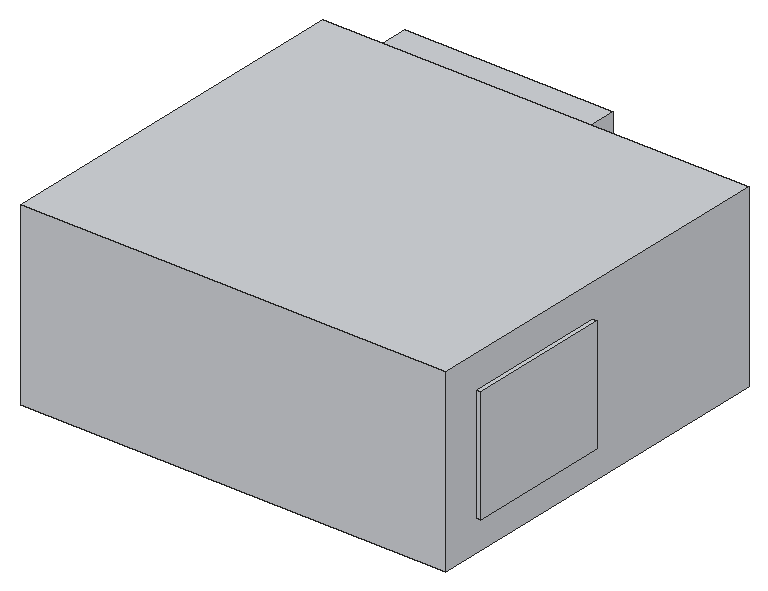
Revit family "be2a55e05ee740728877672fafaacd69", category Mechanical Equipment, Revit 2021
Family settings
  Round Connector Dimension = Use Radius
  Part Type = Normal
  OmniClass Number = 23.75.70.21.24.14
  OmniClass Title = Variable Volume Air Terminal Units
  Seek Item ID = VAV Unit - Parallel Fan Powered-0000-USA-ENU
  Work Plane-Based = No
  Always vertical = Yes
  Cut with Voids When Loaded = No
  Shared = No
  Room Calculation Point = No
Parameters (values of type "Size 2 - 6 inch Inlet")
  Width2 = SupplyConnectorWidth  # 1' - 2"
  Voltage = 120 V
  VAV Material = none
  UnitWidth = 3' - 4 7/8"
  UnitHeight = 3' - 0 1/4"
  UnitDepth = 1' - 5 1/8"
  SupplyConnectorWidth = 1' - 2"
  SupplyConnectorVerticalOffset = 0' - 2 1/8"
  SupplyConnectorLength = 0' - 0 1/2"
  SupplyConnectorHorizontalOffset = 0' - 3 1/2"
  SupplyConnectorDepth = 0' - 11"
  SupplyAirConnectorIndex = 2
  SupplyAirConnectorCenterOffset = SupplyConnectorHorizontalOffset + (SupplyConnectorWidth / 2)  # 0' - 10 1/2"
  PrimaryToSupplyRatio [instance] = 0.2
  PrimaryAirOffset = 0' - 6"
  PrimaryAirFlow [instance] = SupplyAirFlow * PrimaryToSupplyRatio  # 100 CFM
  PrimaryAirConnectorVerticalOffset = UnitDepth / 2  # 0' - 8 9/16"
  PrimaryAirConnectorRadius = PrimaryAirConnectorDiameter / 2  # 0' - 3"
  PrimaryAirConnectorLength = 0' - 3 3/8"
  PrimaryAirConnectorIndex = 1
  PrimaryAirConnectorDiameter = 0' - 6"
  PrimaryAirConnectorCenterOffset = PrimaryAirOffset  # 0' - 6"
  Pressure Drop [instance] = 0.04 in-wg
  Number of Poles = 1
  Load Classification = Cooling
  InducedAirInletWidth = 1' - 4"
  InducedAirInletDepth = 1' - 2"
  InducedAirConnectorIndex = 3
  InducedAirConnectorHorizontalOffset = 0' - 1"
  InducedAirConnectorCenterOffset = InducedAirConnectorHorizontalOffset + (InducedAirInletWidth / 2)  # 0' - 9"
  Height2 = SupplyConnectorDepth  # 0' - 11"
  ElectricalConnectionBoxWidth = 1' - 8"
  ElectricalConnectionBoxOffset = 0' - 2 7/8"
  ElectricalConnectionBoxHeight = 0' - 6 1/4"
  ElectricalConnectionBoxDepth = 1' - 0"
  Default Elevation = 0' - 0"
  Assembly Code = ""
  SupplyAirFlow [instance] = 500 CFM
  Apparent Load = 181 VA
Types (19): name | Width2 | UnitWidth | UnitHeight | UnitDepth | SupplyConnectorWidth | SupplyConnectorVerticalOffset | SupplyConnectorHorizontalOffset | SupplyConnectorDepth | SupplyAirConnectorCenterOffset | PrimaryAirOffset | PrimaryAirFlow | PrimaryAirConnectorVerticalOffset | PrimaryAirConnectorRadius | PrimaryAirConnectorDiameter | PrimaryAirConnectorCenterOffset | Pressure Drop | InducedAirInletWidth | InducedAirInletDepth | InducedAirConnectorCenterOffset | Height2 | ElectricalConnectionBoxOffset | SupplyAirFlow | Apparent Load
  Size 2 - 6 inch Inlet | 1' - 2" | 3' - 4 7/8" | 3' - 0 1/4" | 1' - 5 1/8" | 1' - 2" | 0' - 2 1/8" | 0' - 3 1/2" | 0' - 11" | 0' - 10 1/2" | 0' - 6" | 100 CFM | 0' - 8 9/16" | 0' - 3" | 0' - 6" | 0' - 6" | 0.04 in-wg | 1' - 4" | 1' - 2" | 0' - 9" | 0' - 11" | 0' - 2 7/8" | 500 CFM | 181 VA
  Size 2 - 8 inch Inlet | 1' - 2" | 3' - 4 7/8" | 3' - 0 1/4" | 1' - 5 1/8" | 1' - 2" | 0' - 2 1/8" | 0' - 3 1/2" | 0' - 11" | 0' - 10 1/2" | 0' - 6" | 180 CFM | 0' - 8 9/16" | 0' - 4" | 0' - 8" | 0' - 6" | 0.02 in-wg | 1' - 4" | 1' - 2" | 0' - 9" | 0' - 11" | 0' - 2 7/8" | 900 CFM | 271 VA
  Size 2 - 10 inch Inlet | 1' - 2" | 3' - 4 7/8" | 3' - 0 1/4" | 1' - 5 1/8" | 1' - 2" | 0' - 2 1/8" | 0' - 3 1/2" | 0' - 11" | 0' - 10 1/2" | 0' - 7" | 280 CFM | 0' - 8 9/16" | 0' - 5" | 0' - 10" | 0' - 7" | 0.01 in-wg | 1' - 4" | 1' - 2" | 0' - 9" | 0' - 11" | 0' - 4 7/8" | 1400 CFM | 542 VA
  Size 2 - 12 inch Inlet | 1' - 2" | 3' - 4 7/8" | 3' - 0 1/4" | 1' - 5 1/8" | 1' - 2" | 0' - 2 1/8" | 0' - 3 1/2" | 0' - 11" | 0' - 10 1/2" | 0' - 8" | 400 CFM | 0' - 8 9/16" | 0' - 6" | 1' - 0" | 0' - 8" | 0.01 in-wg | 1' - 4" | 1' - 2" | 0' - 9" | 0' - 11" | 0' - 4 7/8" | 2000 CFM | 542 VA
  Size 3 - 6 inch Inlet | 1' - 2" | 3' - 4 7/8" | 3' - 0 1/4" | 1' - 5 1/8" | 1' - 2" | 0' - 2 1/8" | 0' - 3 1/2" | 0' - 11" | 0' - 10 1/2" | 0' - 6" | 100 CFM | 0' - 8 9/16" | 0' - 3" | 0' - 6" | 0' - 6" | 0.02 in-wg | 1' - 4" | 1' - 2" | 0' - 9" | 0' - 11" | 0' - 2 7/8" | 500 CFM | 181 VA
  Size 3 - 8 inch Inlet | 1' - 2" | 3' - 4 7/8" | 3' - 0 1/4" | 1' - 5 1/8" | 1' - 2" | 0' - 2 1/8" | 0' - 3 1/2" | 0' - 11" | 0' - 10 1/2" | 0' - 6" | 180 CFM | 0' - 8 9/16" | 0' - 4" | 0' - 8" | 0' - 6" | 0.01 in-wg | 1' - 4" | 1' - 2" | 0' - 9" | 0' - 11" | 0' - 2 7/8" | 900 CFM | 271 VA
  Size 3 - 10 inch Inlet | 1' - 2" | 3' - 4 7/8" | 3' - 0 1/4" | 1' - 5 1/8" | 1' - 2" | 0' - 2 1/8" | 0' - 3 1/2" | 0' - 11" | 0' - 10 1/2" | 0' - 7" | 280 CFM | 0' - 8 9/16" | 0' - 5" | 0' - 10" | 0' - 7" | 0.01 in-wg | 1' - 4" | 1' - 2" | 0' - 9" | 0' - 11" | 0' - 4 7/8" | 1400 CFM | 542 VA
  Size 3 - 12 inch Inlet | 1' - 2" | 3' - 4 7/8" | 3' - 0 1/4" | 1' - 5 1/8" | 1' - 2" | 0' - 2 1/8" | 0' - 3 1/2" | 0' - 11" | 0' - 10 1/2" | 0' - 8" | 400 CFM | 0' - 8 9/16" | 0' - 6" | 1' - 0" | 0' - 8" | 0.01 in-wg | 1' - 4" | 1' - 2" | 0' - 9" | 0' - 11" | 0' - 4 7/8" | 2000 CFM | 542 VA
  Size 4 - 8 inch Inlet | 1' - 2" | 3' - 4 7/8" | 3' - 0 1/4" | 1' - 5 1/8" | 1' - 2" | 0' - 2 1/8" | 0' - 3 1/2" | 0' - 11" | 0' - 10 1/2" | 0' - 6" | 180 CFM | 0' - 8 9/16" | 0' - 4" | 0' - 8" | 0' - 6" | 0.02 in-wg | 1' - 6" | 1' - 2" | 0' - 10" | 0' - 11" | 0' - 2 7/8" | 900 CFM | 271 VA
  Size 4 - 10 inch Inlet | 1' - 2" | 3' - 4 7/8" | 3' - 0 1/4" | 1' - 5 1/8" | 1' - 2" | 0' - 2 1/8" | 0' - 3 1/2" | 0' - 11" | 0' - 10 1/2" | 0' - 7" | 280 CFM | 0' - 8 9/16" | 0' - 5" | 0' - 10" | 0' - 7" | 0.01 in-wg | 1' - 4" | 1' - 2" | 0' - 9" | 0' - 11" | 0' - 4 7/8" | 1400 CFM | 542 VA
  Size 4 - 12 inch Inlet | 1' - 2" | 3' - 4 7/8" | 3' - 0 1/4" | 1' - 5 1/8" | 1' - 2" | 0' - 2 1/8" | 0' - 3 1/2" | 0' - 11" | 0' - 10 1/2" | 0' - 8" | 400 CFM | 0' - 8 9/16" | 0' - 6" | 1' - 0" | 0' - 8" | 0.01 in-wg | 1' - 4" | 1' - 2" | 0' - 9" | 0' - 11" | 0' - 4 7/8" | 2000 CFM | 542 VA
  Size 4 - 14 inch Inlet | 1' - 2" | 3' - 4 7/8" | 3' - 0 1/4" | 1' - 5 1/8" | 1' - 2" | 0' - 2 1/8" | 0' - 3 1/2" | 0' - 11" | 0' - 10 1/2" | 0' - 10" | 600 CFM | 0' - 8 9/16" | 0' - 7" | 1' - 2" | 0' - 10" | 0.01 in-wg | 1' - 4" | 1' - 2" | 0' - 9" | 0' - 11" | 0' - 6 7/8" | 3000 CFM | 542 VA
  Size 5 - 10 inch Inlet | 1' - 4" | 3' - 10 7/8" | 4' - 0 1/4" | 1' - 8 1/8" | 1' - 4" | 0' - 3 1/8" | 0' - 9 1/2" | 1' - 2" | 1' - 5 1/2" | 0' - 7" | 280 CFM | 0' - 10 1/16" | 0' - 5" | 0' - 10" | 0' - 7" | 0.01 in-wg | 2' - 0 1/2" | 1' - 5 1/2" | 1' - 1 1/4" | 1' - 2" | 0' - 4 7/8" | 1400 CFM | 542 VA
  Size 5 - 12 inch Inlet | 1' - 4" | 3' - 10 7/8" | 4' - 0 1/4" | 1' - 8 1/8" | 1' - 4" | 0' - 3 1/8" | 0' - 9 1/2" | 1' - 2" | 1' - 5 1/2" | 0' - 8" | 400 CFM | 0' - 10 1/16" | 0' - 6" | 1' - 0" | 0' - 8" | 0.01 in-wg | 2' - 0 1/2" | 1' - 5 1/2" | 1' - 1 1/4" | 1' - 2" | 0' - 4 7/8" | 2000 CFM | 542 VA
  Size 5 - 14 inch Inlet | 1' - 4" | 3' - 10 7/8" | 4' - 0 1/4" | 1' - 8 1/8" | 1' - 4" | 0' - 3 1/8" | 0' - 9 1/2" | 1' - 2" | 1' - 5 1/2" | 0' - 10" | 600 CFM | 0' - 10 1/16" | 0' - 7" | 1' - 2" | 0' - 10" | 0.01 in-wg | 2' - 0 1/2" | 1' - 5 1/2" | 1' - 1 1/4" | 1' - 2" | 0' - 6 7/8" | 3000 CFM | 542 VA
  Size 5 - 16 inch Inlet | 1' - 4" | 3' - 10 7/8" | 4' - 0 1/4" | 1' - 8 1/8" | 1' - 4" | 0' - 3 1/8" | 0' - 9 1/2" | 1' - 2" | 1' - 5 1/2" | 0' - 11" | 800 CFM | 0' - 10 1/16" | 0' - 8" | 1' - 4" | 0' - 11" | 0.01 in-wg | 2' - 0 1/2" | 1' - 5 1/2" | 1' - 1 1/4" | 1' - 2" | 0' - 6 7/8" | 4000 CFM | 813 VA
  Size 6 - 12 inch Inlet | 1' - 4" | 3' - 10 7/8" | 4' - 0 1/4" | 1' - 8 1/8" | 1' - 4" | 0' - 3 1/8" | 0' - 9 1/2" | 1' - 2" | 1' - 5 1/2" | 0' - 8" | 400 CFM | 0' - 10 1/16" | 0' - 6" | 1' - 0" | 0' - 8" | 0.01 in-wg | 2' - 0 1/2" | 1' - 5 1/2" | 1' - 1 1/4" | 1' - 2" | 0' - 4 7/8" | 2000 CFM | 542 VA
  Size 6 - 14 inch Inlet | 1' - 4" | 3' - 10 7/8" | 4' - 0 1/4" | 1' - 8 1/8" | 1' - 4" | 0' - 3 1/8" | 0' - 9 1/2" | 1' - 2" | 1' - 5 1/2" | 0' - 10" | 600 CFM | 0' - 10 1/16" | 0' - 7" | 1' - 2" | 0' - 10" | 0.01 in-wg | 2' - 0 1/2" | 1' - 5 1/2" | 1' - 1 1/4" | 1' - 2" | 0' - 6 7/8" | 3000 CFM | 542 VA
  Size 6 - 16 inch Inlet | 1' - 4" | 3' - 10 7/8" | 4' - 0 1/4" | 1' - 8 1/8" | 1' - 4" | 0' - 3 1/8" | 0' - 9 1/2" | 1' - 2" | 1' - 5 1/2" | 0' - 11" | 800 CFM | 0' - 10 1/16" | 0' - 8" | 1' - 4" | 0' - 11" | 0.01 in-wg | 2' - 0 1/2" | 1' - 5 1/2" | 1' - 1 1/4" | 1' - 2" | 0' - 6 7/8" | 4000 CFM | 813 VA
Reference planes (in)
  plane 1 "Center (Front/Back)": y = 0
  plane 2: z = 0
  plane 3 "Center (Left/Right)": x = 0
Forms (in)
  Extrusion 1, solid, material <- "VAV Material"
    sketch origin (0, 0, 0) x (1, 0, 0) y (0, 1, 0)
      loop
        line (-20.4375, 18.125) -> (-20.4375, -18.125) -> (20.4375, -18.125) -> (20.4375, 18.125) -> (-20.4375, 18.125)
    from -8.5625 to 8.5625
  Extrusion 2, solid, material <- "VAV Material"
    sketch origin (0, 0, 0) x (0, 1, 0) y (0, 0, 1)
      loop
        circle (12.125, 0) r 3
    from -23.8125 to -20.4375
  Extrusion 3, solid, material <- "VAV Material"
    sketch origin (0, 0, 0) x (1, 0, 0) y (0, 0, 1)
      loop
        line (2.4375, 6) -> (-17.5625, 6) -> (-17.5625, -6) -> (2.4375, -6) -> (2.4375, 6)
    from -24.375 to -18.125
  Extrusion 4, void
    sketch origin (0, 0, 0) x (0, 1, 0) y (0, 0, 1)
      loop
        line (-1.125, 7) -> (-17.125, 7) -> (-17.125, -7) -> (-1.125, -7) -> (-1.125, 7)
    from -20.4375 to 0
  Extrusion 5, solid, material <- "VAV Material"
    sketch origin (0, 0, 0) x (0, 1, 0) y (0, 0, 1)
      loop
        line (-14.625, 5.5) -> (-14.625, -5.5) -> (-0.625, -5.5) -> (-0.625, 5.5) -> (-14.625, 5.5)
    from 20.4375 to 20.9375
Cuts and joins
  Extrusion 4 cuts Extrusion 1
  Extrusion 4 cuts Extrusion 2
  Extrusion 4 cuts Extrusion 3
Dimensions and locks (in)
  "UnitWidth": Extrusion 1 sketch curve to Extrusion 1 sketch curve
  "UnitHeight": Extrusion 1 sketch curve to Extrusion 1 sketch curve
  equal spacing: Extrusion 1, level, Extrusion 1
  "UnitDepth": Extrusion 1 to Extrusion 1
  equal spacing: Extrusion 1 sketch curve, plane 3 "Center (Left/Right)", Extrusion 1 sketch curve
  equal spacing: Extrusion 1 sketch curve, plane 1 "Center (Front/Back)", Extrusion 1 sketch curve
  "PrimaryAirOffset": Extrusion 1 to Extrusion 2 sketch curve
  "PrimaryAirConnectorLength": Extrusion 2 to Extrusion 1
  equal spacing: Extrusion 3 sketch curve, level, Extrusion 3 sketch curve
  "ElectricalConnectionBoxDepth": Extrusion 3 sketch curve to Extrusion 3 sketch curve
  "ElectricalConnectionBoxWidth": Extrusion 3 sketch curve to Extrusion 3 sketch curve
  "ElectricalConnectionBoxHeight": Extrusion 3 to Extrusion 1
  "ElectricalConnectionBoxOffset": Extrusion 1 to Extrusion 3
  "InducedAirInletDepth": Extrusion 4 sketch curve to Extrusion 4 sketch curve
  "InducedAirInletWidth": Extrusion 4 sketch curve to Extrusion 4 sketch curve
  "InducedAirConnectorHorizontalOffset": Extrusion 4 sketch curve to cut or joined group of Extrusion 1, Extrusion 4
  "SupplyConnectorDepth": Extrusion 5 sketch curve to Extrusion 5 sketch curve
  "SupplyConnectorHorizontalOffset": cut or joined group of Extrusion 1, Extrusion 4 to Extrusion 5 sketch curve
  "SupplyConnectorWidth": Extrusion 5 sketch curve to Extrusion 5 sketch curve
  "SupplyConnectorLength": cut or joined group of Extrusion 1, Extrusion 4 to Extrusion 5
  equal spacing: Extrusion 5 sketch curve, level, Extrusion 5 sketch curve
  equal spacing: cut or joined group of Extrusion 1, Extrusion 4, level, cut or joined group of Extrusion 1, Extrusion 4
  "PrimaryAirConnectorVerticalOffset": cut or joined group of Extrusion 1, Extrusion 4 to Extrusion 2 sketch curve
  "PrimaryAirConnectorRadius": radius of Extrusion 2 sketch curve
  aligned and locked: Extrusion 2 to Extrusion 1
  aligned and locked: Extrusion 3 to Extrusion 1
  aligned and locked: Extrusion 1 to Extrusion 4
  aligned and locked: plane 3 "Center (Left/Right)" to Extrusion 4
Automatic sketch dimensions
  plane 3 "Center (Left/Right)" to Extrusion 3 sketch curve = 0' - 2 7/16"
  Extrusion 4 sketch curve to level = 0' - 7"
Connectors (in)
  hvac at (0, -9.125, 0), driven by "InducedAirInletDepth", driven by "InducedAirInletWidth"
    settings: on cut or joined group of Extrusion 1, Extrusion 4, index 2, duct flow 0 CFM, flow factor 0, pres drop 0.00 in-wg, loss coef 0, conn angle 0.00°, conn width 16", conn height 14", conn diameter 24", duct sys type 2, conn prof type 1, flow config 0, flow direction 1, loss method 0, conn ref index -1, conn util no, is conn primary no, conn desc ""
  hvac at (-23.8125, 12.125, 0), driven by "PrimaryAirConnectorRadius", driven by "PrimaryAirFlow", driven by "Pressure Drop"
    settings: on cut or joined group of Extrusion 2, Extrusion 4, index 0, duct flow 100 CFM, flow factor 0, pres drop 0.04 in-wg, loss coef 0, conn angle 0.00°, conn width 12", conn height 12", conn diameter 6", duct sys type 1, conn prof type 0, flow config 1, flow direction 1, loss method 4, conn ref index -1, conn util no, is conn primary yes, conn desc ""
  hvac at (20.9375, -7.625, 0), driven by "SupplyConnectorDepth", driven by "SupplyConnectorWidth", driven by "SupplyAirFlow"
    settings: on Extrusion 5, index 1, duct flow 500 CFM, flow factor 0, pres drop 0.00 in-wg, loss coef 0, conn angle 0.00°, conn width 14", conn height 11", conn diameter 24", duct sys type 1, conn prof type 1, flow config 0, flow direction 2, loss method 0, conn ref index -1, conn util no, is conn primary no, conn desc ""
  electrical at (-7.5625, 24.375, 0), driven by "Apparent Load", driven by "Voltage", driven by "Number of Poles", driven by "Load Classification"
    settings: on cut or joined group of Extrusion 3, Extrusion 4, index 3, voltage 120 V, apparent load 181 VA, apparent load phase1 0 VA, apparent load phase2 0 VA, apparent load phase3 0 VA, power factor 1, load classification "Cooling", number of poles 1, system type 30, power factor state 1, is connector primary yes, connector utility no, sub classification motor no, connector description ""
